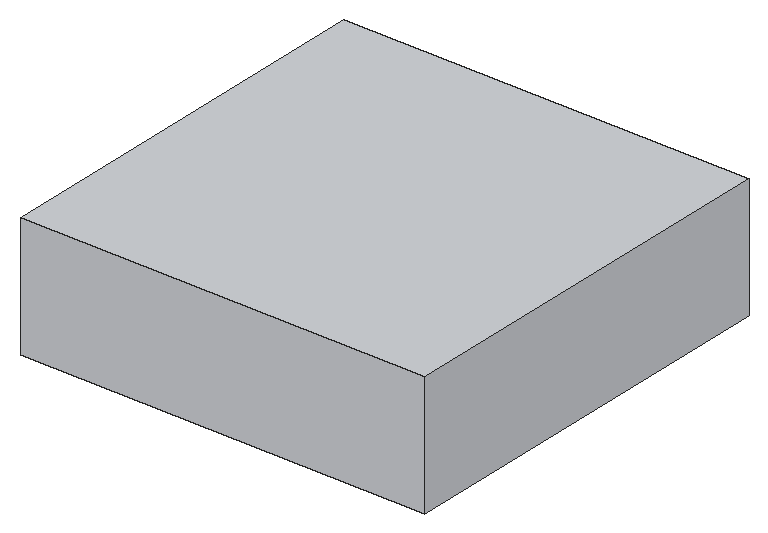
Revit family "StructuralFoundations_PileFoundation-Freeform", category Structural Foundations, Revit 2022
Family settings
  Material for Model Behavior = Concrete
  Cap = Yes
  OmniClass Number = 23.25.05.00
  OmniClass Title = Foundations
  Work Plane-Based = Yes
  Always vertical = Yes
  Cut with Voids When Loaded = No
  Shared = Yes
Parameters (values of type "PileFoundation_Freeform")
  Width = 0 mm
  Void Position Top = ((Depth - Pile Embedment) * -1)  # -925 mm
  VL_STR/GEO DA1 COMB 2 Min (kN) [instance] = ""
  VL_STR/GEO DA1 COMB 2 Max (kN) [instance] = ""
  VL_STR/GEO DA1 COMB 1 Min (kN) [instance] = ""
  VL_STR/GEO DA1 COMB 1 Max (kN) [instance] = ""
  VL_SLS Min (kN) [instance] = ""
  VL_SLS Max (kN) [instance] = ""
  VL_ADD. LIMIT STATE Min (kN) [instance] = ""
  VL_ADD. LIMIT STATE Max (kN) [instance] = ""
  Tension/Compression [instance] = ""
  Structural Material = <By Category>
  Radius = 250 mm
  Pile Insertion Vertical Offset = Depth * -1  # -1000 mm
  Pile Embedment Numerical = Pile Embedment / 1 mm  # 75
  Pile Embedment = 75 mm  # constant formula
  Pile Edge Distance = 150 mm  # constant formula
  Pile Depth Numerical [instance] = Pile Depth / 1 mm  # 500
  Pile Depth = 500 mm
  ML_STR/GEO DA1 COMB 2 Max (kNm) [instance] = ""
  ML_STR/GEO DA1 COMB 1 Max (kNm) [instance] = ""
  ML_SLS Max (kNm) [instance] = ""
  ML_ADD. LIMIT STATE Max (kNm) [instance] = ""
  Length = 0 mm
  HL_STR/GEO DA1 COMB 2 Max (kN) [instance] = ""
  HL_STR/GEO DA1 COMB 1 Max (kN) [instance] = ""
  HL_SLS Max (kN) [instance] = ""
  HL_ADD. LIMIT STATE Max (kN) [instance] = ""
  Foundation Thickness = Depth  # 1000 mm
  Diameter = Radius * 2  # 500 mm
  Depth = 1000 mm
  Default Elevation = 1219.2 mm
  Assembly Code = ""
Reference planes
  plane 1 "Center (Front/Back)": y = 0
  plane 2: z = 75.116
  plane 3 "Center (Left/Right)": x = 0
  plane 4: x = -750
  plane 5: x = 750
  plane 6: y = 750
  plane 7: y = -750
  plane 8: z = -924.884
Forms (mm)
  Extrusion 1, solid
    sketch origin (0, 0, 75.116) x (1, 0, 0) y (0, 1, 0)
      loop
        line (-1650, 1650) -> (-1650, -1650) -> (1650, -1650) -> (1650, 1650) -> (-1650, 1650)
    from -1000 <- "Pile Insertion Vertical Offset" to 0
  Extrusion 2, void
    sketch origin (0, 0, 75.116) x (1, 0, 0) y (0, 1, 0)
      loop
        circle (-1191.006, 1577.398) r 250
    from -1000 <- "Pile Insertion Vertical Offset" to -925 <- "Void Position Top"
Dimensions and locks
  equal spacing: plane 4, plane 3 "Center (Left/Right)", plane 5
  "Depth": plane 2 to Extrusion 1
  equal spacing: Extrusion 1, plane 3 "Center (Left/Right)", Extrusion 1
  locked: Extrusion 1 to Extrusion 1 at 3300  (x2)
  equal spacing: Extrusion 1, plane 1 "Center (Front/Back)", Extrusion 1
  equal spacing: plane 7, plane 1 "Center (Front/Back)", plane 6
  locked: level to plane 8 at 1000
  "Radius": radius of Extrusion 2 sketch curve
Automatic sketch dimensions
  Extrusion 2 sketch curve to plane 4 = 441.006 mm
  plane 6 to Extrusion 2 sketch curve = 827.398 mm
  Extrusion 1 sketch curve to plane 4 = 900 mm
  plane 5 to Extrusion 1 sketch curve = 900 mm
  Extrusion 1 sketch curve to plane 7 = 900 mm
  plane 6 to Extrusion 1 sketch curve = 900 mm
Nested families
  nested 1: "StructuralFoundations_PileFoundation-Pile_Freeform" at (-1191.89, 1577.398, -924.884), Pile Depth <- "Pile Depth", Height Offset From Level <- "Pile Insertion Vertical Offset", HL_ADD. LIMIT STATE Max (kN) <- "HL_ADD. LIMIT STATE Max (kN)", HL_SLS Max (kN) <- "HL_SLS Max (kN)", HL_STR/GEO DA1 COMB 1 Max (kN) <- "HL_STR/GEO DA1 COMB 1 Max (kN)", HL_STR/GEO DA1 COMB 2 Max (kN) <- "HL_STR/GEO DA1 COMB 2 Max (kN)", ML_ADD. LIMIT STATE Max (kNm) <- "ML_ADD. LIMIT STATE Max (kNm)", ML_SLS Max (kNm) <- "ML_SLS Max (kNm)", ML_STR/GEO DA1 COMB 1 Max (kNm) <- "ML_STR/GEO DA1 COMB 1 Max (kNm)", ML_STR/GEO DA1 COMB 2 Max (kNm) <- "ML_STR/GEO DA1 COMB 2 Max (kNm)", Tension/Compression <- "Tension/Compression", VL_ADD. LIMIT STATE Max (kN) <- "VL_ADD. LIMIT STATE Max (kN)", VL_ADD. LIMIT STATE Min (kN) <- "VL_STR/GEO DA1 COMB 1 Min (kN)", VL_SLS Max (kN) <- "VL_SLS Max (kN)", VL_SLS Min (kN) <- "VL_SLS Min (kN)", VL_STR/GEO DA1 COMB 1 Max (kN) <- "VL_STR/GEO DA1 COMB 1 Max (kN)", VL_STR/GEO DA1 COMB 1 Min (kN) <- "VL_STR/GEO DA1 COMB 1 Min (kN)", VL_STR/GEO DA1 COMB 2 Max (kN) <- "VL_STR/GEO DA1 COMB 2 Max (kN)", VL_STR/GEO DA1 COMB 2 Min (kN) <- "VL_STR/GEO DA1 COMB 2 Min (kN)", type "Freeform_Pile"
    with VL_STR/GEO DA1 COMB 2 Min (kN) "", VL_STR/GEO DA1 COMB 2 Max (kN) "", VL_STR/GEO DA1 COMB 1 Min (kN) "", VL_STR/GEO DA1 COMB 1 Max (kN) "", VL_SLS Min (kN) "", VL_SLS Max (kN) "", VL_ADD. LIMIT STATE Min (kN) "", VL_ADD. LIMIT STATE Max (kN) "", Tension/Compression "", Pile Length 575 mm, Pile Embedment Numerical 75, Pile Embedment 75 mm, Pile Depth Numerical 500, Pile Depth 500 mm, ML_STR/GEO DA1 COMB 2 Max (kNm) "", ML_STR/GEO DA1 COMB 1 Max (kNm) "", ML_SLS Max (kNm) "", ML_ADD. LIMIT STATE Max (kNm) "", Lightning Protection no, HL_STR/GEO DA1 COMB 2 Max (kN) "", HL_STR/GEO DA1 COMB 1 Max (kN) "", HL_SLS Max (kN) "", HL_ADD. LIMIT STATE Max (kN) ""
Definition of nested family "StructuralFoundations_PileFoundation-Pile_Freeform"
  Parameters (values of type "Template")
    VL_STR/GEO DA1 COMB 2 Min (kN) [instance] = ""
    VL_STR/GEO DA1 COMB 2 Max (kN) [instance] = ""
    VL_STR/GEO DA1 COMB 1 Min (kN) [instance] = ""
    VL_STR/GEO DA1 COMB 1 Max (kN) [instance] = ""
    VL_SLS Min (kN) [instance] = ""
    VL_SLS Max (kN) [instance] = ""
    VL_ADD. LIMIT STATE Min (kN) [instance] = ""
    VL_ADD. LIMIT STATE Max (kN) [instance] = ""
    Type Comments = ""
    Tension/Compression [instance] = ""
    Structural Material = (empty or 0)
    Radius = 250 mm
    Pile Offset Line Vis 3Ø = no
    Pile Offset Line Vis 2.5Ø = no
    Pile Offset Line 3Ø = Diameter * 3  # 1500 mm
    Pile Offset Line 2.5Ø = Diameter * 2.5  # 1250 mm
    Pile Length [instance] = Pile Depth + Pile Embedment  # 1575 mm
    Pile Embedment Numerical [instance] = Pile Embedment / 1 mm  # 75
    Pile Embedment [instance] = 75 mm  # constant formula
    Pile Depth Numerical [instance] = Pile Depth / 1 mm  # 1500
    Pile Depth [instance] = 1500 mm
    ML_STR/GEO DA1 COMB 2 Max (kNm) [instance] = ""
    ML_STR/GEO DA1 COMB 1 Max (kNm) [instance] = ""
    ML_SLS Max (kNm) [instance] = ""
    ML_ADD. LIMIT STATE Max (kNm) [instance] = ""
    Lightning Protection [instance] = no
    Keynote = ""
    HL_STR/GEO DA1 COMB 2 Max (kN) [instance] = ""
    HL_STR/GEO DA1 COMB 1 Max (kN) [instance] = ""
    HL_SLS Max (kN) [instance] = ""
    HL_ADD. LIMIT STATE Max (kN) [instance] = ""
    Diameter = Radius * 2  # 500 mm
    Description = ""
    Assembly Code = ""
  Reference planes
    plane 1 "Center (Front/Back)": y = 0
    plane 2: z = 0
    plane 3 "Center (Left/Right)": x = 0
    plane 4: z = -1500
  Forms (mm)
    Extrusion 1, solid
      sketch origin (0, 0, 0) x (1, 0, 0) y (0, 1, 0)
        loop
          circle (0, 0) r 250
      from -1500 to 75
  Lines and regions (mm)
    symbolic lines
      curve 1: line (-250, 0, 75) -> (250, 0, 75)
      curve 2: line (250, 0, 75) -> (250, 0, 0)
      curve 3: line (-250, 0, 75) -> (-250, 0, 0)
      curve 4: line (0, 250, 75) -> (0, -250, 75)
      curve 5: line (0, -250, 75) -> (0, -250, 0)
      curve 6: line (0, 250, 75) -> (0, 250, 0)
    symbolic lines, visible <- "Pile Offset Line Vis 3Ø"
      curve 7: circle (0, 0, 0) r 1500 normal (0, 0, 1)
    symbolic lines, visible <- "Pile Offset Line Vis 2.5Ø"
      curve 8: circle (0, 0, 0) r 1250 normal (0, 0, 1)
  Dimensions and locks
    equal spacing: curve 3, plane 3 "Center (Left/Right)", curve 2
    "Diameter": curve 3 to curve 2
    equal spacing: curve 6, plane 1 "Center (Front/Back)", curve 5
    "Diameter": curve 6 to curve 5
    "Pile Depth": plane 2 to plane 4
    "Pile Embedment": Extrusion 1 to level
    "Radius": radius of Extrusion 1 sketch curve
    "Radius": radius of Extrusion 1
    "Pile Offset Line 3Ø": radius of curve 7
    "Pile Offset Line 2.5Ø": radius of curve 8
    aligned and locked: Extrusion 1 to plane 4
  Automatic sketch dimensions
    plane 1 "Center (Front/Back)" to Extrusion 1 sketch curve = 0 mm
    Extrusion 1 sketch curve to plane 3 "Center (Left/Right)" = 0 mm
    curve 2 to level = 0 mm
    curve 3 to level = 0 mm
    curve 5 to level = 0 mm
    curve 6 to level = 0 mm
    curve 7 to curve 8 = 0 mm  (x2)
    plane 1 "Center (Front/Back)" to curve 8 = 0 mm
    curve 8 to plane 3 "Center (Left/Right)" = 0 mm
    level to curve 2 = 75 mm
    level to curve 5 = 75 mm
